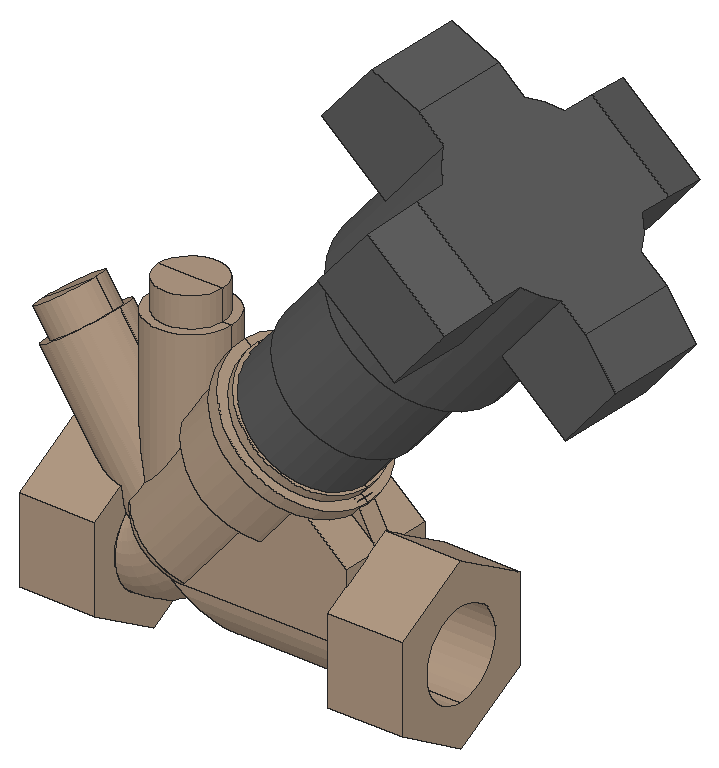
Revit family "M_Valve_Balancing and Control_MEPcontent_Oventrop_Hydrocontrol VTR 10602", category Pipe Accessories, Revit 2015
Parameters (values of type "DN 20")
  Watermarked By = "www.stabiplan.com"
  built-in parameter 1114242 [instance] = 1
  Threaded_Lenght = 14.500 mm
  r2 = 3.000 mm  # constant formula
  r1 = 2.000 mm  # constant formula
  e3 = 1.500 mm
  e2 = 3.500 mm
  Wholesaler Art. No. = ""
  Wholesaler = ""
  Use Nominal Diameter [instance] = yes
  URL = "www.stabiplan.com"
  Stabu Code = ""
  Revit Version = "2015"  # constant formula
  Product Line = "Oventrop"  # constant formula
  SW2 = NutDimension / sqrt(3 / 4)  # 36.950 mm
  OuterDiameter = 26.900 mm
  NutDimension = 32.000 mm
  Rad6 [instance] = NominalRadius + 1.000 mm  # 10.525 mm
  Rad5 = Rad4 + 2.000 mm  # 17.700 mm
  Rad4 = Rad3 + 2.500 mm  # 15.700 mm
  Rad3 = Rad2 + 2.500 mm  # 13.200 mm
  Rad2 = Rad1 - 2.000 mm  # 10.700 mm
  Rad1 = 12.700 mm
  Pressure Drop = 0.0 Pa
  NominalRadius [instance] = if(Use Nominal Diameter, NominalDiameter / 2, OuterDiameter / 2)  # 9.525 mm
  NominalDiameter = 19.050 mm
  Model = "Hydrocontrol VTR 10602"
  Manufacturer = "Oventrop"  # constant formula
  MEPcontent Class = "VALVE_BALANCING"  # constant formula
  Lgt2 = 11.000 mm  # constant formula
  Lgt1 = Threaded_Lenght + 2.000 mm  # 16.500 mm
  Language = ""
  L2 = Rad2 * tan(Angle / 2)  # 4.989 mm
  Lenght = 84.000 mm
  Internal Art. No. = ""
  IFCExportType = "PRESSUREREDUCING"
  IFCExportAs = "IfcValveType"
  Hlp1 = 22.000 mm  # constant formula
  Height = 116.000 mm
  Hb6 [instance] = ((Hb2 + Hb3 + Hb5 + (2 * r1)) / sin(Angle)) - (NominalDiameter * 0.29 + 2.700 mm)  # 43.248 mm
  Hb5 = 3.000 mm  # constant formula
  Hb4 = 18.000 mm  # constant formula
  Hb3 = 11.000 mm
  Hb2 [instance] = if(NominalDiameter > 25.000 mm, 50.000 mm, NominalDiameter * 0.6 + 10.000 mm)  # 21.430 mm
  Hb1 = 125.000 mm
  GTIN = "4026755125085"
  Function Code [instance] = ""
  Family Version = "10.14"  # constant formula
  ETIM Article Class = "EC011463"
  EMCS Version = "2.0"  # constant formula
  Description = "Bronze double regulating and commissioning valves"  # constant formula
  Manufacturer URL = "http://www.oventrop.de/ArticleInfo.aspx?art=1060206"
  Custom = no
  Copyright = "© Stabiplan International BV"  # constant formula
  Content Supplier URL = "www.mepcontent.eu"
  CB-NL Class = ""
  Bronze = Color RGB 156-122-90
  Black = Color RGB 35-35-35
  Article Type = "Hydrocontrol VTR 10602"  # constant formula
  Article Description = "Bronze double regulating and commissioning valves"  # constant formula
  Angle = 50.00°  # constant formula
  Manufacturer Art. No. = "1060206"
Types (7, lengths in mm): name | Threaded_Lenght | e3 | e2 | Use Nominal Diameter | SW2 | OuterDiameter | NutDimension | Rad6 | Rad5 | Rad4 | Rad3 | Rad2 | Rad1 | NominalRadius | NominalDiameter | Lgt1 | L2 | Lenght | Height | Hb6 | Hb3 | Hb2 | Hb1 | GTIN | Manufacturer URL | Manufacturer Art. No.
  DN 40 | 19.100 | 2.344 | 4.500 | yes | 63.509 | 48.300 | 55.000 | 20.050 | 27.300 | 25.300 | 22.800 | 20.300 | 22.300 | 19.050 | 38.100 | 21.100 | 9.466 | 120.000 | 138.000 | 67.186 | 5.000 | 50.000 | 154.000 | "4026755125115" | "http://www.oventrop.de/ArticleInfo.aspx?art=1060212" | "1060212"
  DN 50 | 25.700 | 2.656 | 4.500 | no | 80.829 | 60.300 | 70.000 | 31.150 | 35.200 | 33.200 | 30.700 | 28.200 | 30.200 | 30.150 | 50.800 | 27.700 | 13.150 | 150.000 | 148.000 | 76.557 | 15.000 | 50.000 | 167.000 | "4026755125122" | "http://www.oventrop.de/ArticleInfo.aspx?art=1060216" | "1060216"
  DN 32 | 19.100 | 2.000 | 4.500 | yes | 57.735 | 42.400 | 50.000 | 16.875 | 24.000 | 22.000 | 19.500 | 17.000 | 19.000 | 15.875 | 31.750 | 21.100 | 7.927 | 110.000 | 136.000 | 63.806 | 1.000 | 50.000 | 151.000 | "4026755125108" | "http://www.oventrop.de/ArticleInfo.aspx?art=1060210" | "1060210"
  DN 25 | 16.800 | 1.688 | 3.500 | yes | 47.343 | 33.700 | 41.000 | 13.700 | 20.900 | 18.900 | 16.400 | 13.900 | 15.900 | 12.700 | 25.400 | 18.800 | 6.482 | 97.500 | 119.000 | 81.313 | 13.000 | 50.000 | 129.000 | "4026755125092" | "http://www.oventrop.de/ArticleInfo.aspx?art=1060208" | "1060208"
  DN 20 | 14.500 | 1.500 | 3.500 | yes | 36.950 | 26.900 | 32.000 | 10.525 | 17.700 | 15.700 | 13.200 | 10.700 | 12.700 | 9.525 | 19.050 | 16.500 | 4.989 | 84.000 | 116.000 | 43.248 | 11.000 | 21.430 | 125.000 | "4026755125085" | "http://www.oventrop.de/ArticleInfo.aspx?art=1060206" | "1060206"
  DN 15 | 13.200 | 1.250 | 2.500 | yes | 31.177 | 21.300 | 27.000 | 7.350 | 14.500 | 12.500 | 10.000 | 7.500 | 9.500 | 6.350 | 12.700 | 15.200 | 3.497 | 80.000 | 114.000 | 45.337 | 15.000 | 17.620 | 122.000 | "4026755125078" | "http://www.oventrop.de/ArticleInfo.aspx?art=1060204" | "1060204"
  DN 10 | 10.100 | 1.125 | 2.500 | yes | 31.177 | 17.200 | 27.000 | 5.763 | 14.500 | 12.500 | 10.000 | 7.500 | 9.500 | 4.763 | 9.525 | 12.100 | 3.497 | 73.000 | 114.000 | 43.771 | 15.000 | 15.715 | 122.000 | "4026755125061" | "http://www.oventrop.de/ArticleInfo.aspx?art=1060203" | "1060203"
Reference planes
  plane 1 "Center (Front/Back)": y = 0
  plane 2: z = 0
  plane 3 "Center (Left/Right)": x = 0
  plane 4: x = -42
  plane 5: x = 42
  plane 6: x = 27.5
  plane 7: x = -27.5
  plane 8: x = -25.5
  plane 9: z = -10.7
  plane 10: z = -13.2
  plane 11: z = -15.7
  plane 12: x = -20.511
  plane 13: z = 10.7
  plane 14: y = 5.5
  plane 15: y = -5.5
  plane 16: y = -10.7
  plane 17: y = 10.7
  plane 18: x = 25.5
  plane 19: y = 11
  plane 20: y = -11
  plane 21: y = -2
  plane 22: y = 2
  plane 23: z = 18.475
  plane 24: z = -18.475
  plane 25: y = 16
  plane 26: y = -16
  plane 27: x = 62
  plane 28: x = 45.5
  plane 29: x = -45.5
  plane 30: x = -62
  plane 31: x = -63.5
  plane 32: x = 63.5
  plane 33: x = 43.75
  plane 34: x = -43.75
Forms (mm)
  Extrusion 1, solid, material "Color RGB 156-122-90" <- "Bronze", detail levels fine
    sketch origin (0, 0, 0) x (0, 1, 0) y (0, 0, 1)
      loop
        circle (0, 0) r 10.7
    from -27.5 to 27.5
  Revolve 2, void
    sketch origin (-20.511, 0, 0) x (0.642788, 0, 0.766044) y (-0.766044, 0, 0.642788)
      loop
        line (4.989, 0) -> (-84, 0) -> (-84, -84) -> (4.989, -84) -> (4.989, 0)
      axis (-84, 0) -> (4.989, 0)
    angle from 0 to 360
  Revolve 3, solid, material "Color RGB 156-122-90" <- "Bronze", detail levels fine
    sketch origin (-25.5, -1524, 140.053) x (0, 0, 1) y (0, -1, 0)
      loop
        circle (-140.053, -1524) r 10.7
      axis (-129.353, -1524) -> (-129.353, -1523)
    angle from 0 to -50
  Extrusion 4, solid, material "Color RGB 156-122-90" <- "Bronze", detail levels fine
    sketch origin (-25.5, -1524, 140.053) x (0, 0, 1) y (0, -1, 0)
      loop
        circle (-140.053, -1524) r 10.7
    from -2 to 0
  Revolve 5, solid, material "Color RGB 156-122-90" <- "Bronze", detail levels fine
    sketch origin (-20.511, 0, 0) x (0.642788, 0, 0.766044) y (-0.766044, 0, 0.642788)
      loop
        line (46.419, 0) -> (4.989, 0) -> (4.989, -11.2)
        arc (4.989, -11.2) -> (5.575, -12.614) -> (6.989, -13.2) r 2
        line (6.989, -13.2) -> (26.419, -13.2) -> (28.419, -15.7) -> (39.419, -15.7) -> (41.419, -17.7) -> (44.419, -17.7) -> (44.419, -15.7) -> (46.419, -15.7) -> (46.419, 0)
      axis (4.989, 0) -> (46.419, 0)
    angle from 0 to 360
  Revolve 6, solid, material "Color RGB 35-35-35" <- "Black", detail levels fine
    sketch origin (-20.511, 0, 0) x (0.642788, 0, 0.766044) y (-0.766044, 0, 0.642788)
      loop
        line (46.419, 0) -> (46.419, -15) -> (60, -15) -> (60, -16) -> (85, -16) -> (85, -20) -> (125, -20) -> (125, 0) -> (46.419, 0)
      axis (46.419, 0) -> (125, 0)
    angle from 0 to 360
  Extrusion 7, solid, material "Color RGB 35-35-35" <- "Black", detail levels fine
    sketch origin (-20.511, 0, 0) x (0.642788, 0, 0.766044) y (-0.766044, 0, 0.642788)
      loop
        line (125, 24) -> (122, 35) -> (105, 35) -> (105, -35) -> (122, -35) -> (125, -24) -> (125, 24)
    from -11 to 11
  Extrusion 8, solid, material "Color RGB 35-35-35" <- "Black", detail levels fine
    sketch origin (-20.511, 0, 0) x (0.642788, 0, 0.766044) y (0, -1, 0)
      loop
        line (122, -35) -> (125, -24) -> (125, 24) -> (122, 35) -> (105, 35) -> (105, -35) -> (122, -35)
    from -11 to 11
  Extrusion 9, solid, material "Color RGB 156-122-90" <- "Bronze", detail levels fine
    sketch origin (27.5, -1524, 140.053) x (0, 0, 1) y (0, -1, 0)
      loop
        circle (-140.053, -1524) r 10.7
    from 0 to -2
  Extrusion 10, solid, material "Color RGB 156-122-90" <- "Bronze", detail levels fine
    sketch origin (-20.511, 0, 0) x (0.642788, 0, 0.766044) y (-0.766044, 0, 0.642788)
      loop
        line (41.419, 0) -> (4.989, 0) -> (4.989, -5.946) -> (29.575, -35.246) -> (41.419, -25.307) -> (41.419, 0)
    from -10.7 to 10.7
  Extrusion 11, solid, material "Color RGB 156-122-90" <- "Bronze", detail levels fine
    sketch origin (-20.511, 0, 0) x (0.642788, 0, 0.766044) y (-0.766044, 0, 0.642788)
      loop
        line (44.419, -16.551) -> (44.419, 0) -> (24.754, -29.501) -> (30.861, -36.778) -> (39.057, -29.9) -> (44.419, -16.551)
    from -2 to 2
  Revolve 12, solid, material "Color RGB 156-122-90" <- "Bronze", detail levels fine
    sketch origin (-17.303, 0, 3.822) x (-0.573576, 0, 0.819152) y (-0.819152, 0, -0.573576)
      loop
        line (46.5, 0) -> (0, 0) -> (0, -9) -> (40, -9) -> (40, -7) -> (46.5, -7) -> (46.5, 0)
      axis (0, 0) -> (46.5, 0)
    angle from 0 to 360
  Revolve 13, solid, material "Color RGB 156-122-90" <- "Bronze", detail levels fine
    sketch origin (-17.303, 0, 3.822) x (0, 0, 1) y (-1, 0, 0)
      loop
        line (0, 0) -> (0, -9) -> (43.248, -9) -> (43.248, -7) -> (49.748, -7) -> (49.748, 0) -> (0, 0)
      axis (0, 0) -> (49.748, 0)
    angle from 0 to 360
  Extrusion 14, solid, material "Color RGB 156-122-90" <- "Bronze", detail levels fine
    sketch origin (0, 0, 0) x (0, 1, 0) y (0, 0, 1)
      loop
        line (0, 18.475) -> (-16, 9.238) -> (-16, -9.238) -> (0, -18.475) -> (16, -9.238) -> (16, 9.238) -> (0, 18.475)
    from 25.5 to 42
  Extrusion 15, solid, material "Color RGB 156-122-90" <- "Bronze", detail levels fine
    sketch origin (0, 0, 0) x (0, 1, 0) y (0, 0, 1)
      loop
        line (0, 18.475) -> (-16, 9.238) -> (-16, -9.238) -> (0, -18.475) -> (16, -9.238) -> (16, 9.238) -> (0, 18.475)
    from -42 to -25.5
  Extrusion 16, void
    sketch origin (42, -1524, -152.182) x (0, 0, 1) y (0, -1, 0)
      loop
        circle (152.182, -1524) r 9.525
    from 0 to -14.5
  Extrusion 17, void
    sketch origin (-42, -1524, 140.053) x (0, 0, -1) y (0, -1, 0)
      loop
        circle (140.053, -1524) r 9.525
    from 0 to -14.5
Cuts and joins
  Revolve 2 cuts Extrusion 1
  joined: Revolve 6, Extrusion 7, Extrusion 8
  Extrusion 16 cuts Extrusion 14
  joined: Extrusion 9, Extrusion 14
  Extrusion 17 cuts Extrusion 15
Lines and regions (mm)
  reference lines
    curve 1: line (-20.511, 0, 0) -> (236.605, 0, 306.418)
    curve 2: line (-9.443, 0, 153.889) -> (132.449, 0, 34.828)
    curve 3: line (-11.371, 0, 151.591) -> (130.52, 0, 32.53)
    curve 4: line (-22.298, 0, 138.568) -> (119.593, 0, 19.507)
    curve 5: line (106.737, 0, 4.186) -> (-35.154, 0, 123.247)
    curve 6: line (111.88, 0, 10.314) -> (-30.012, 0, 129.376)
    curve 7: line (-59.953, 0, 93.693) -> (81.938, 0, -25.368)
    curve 8: line (-61.239, 0, 92.161) -> (80.653, 0, -26.9)
    curve 9: line (-63.167, 0, 89.863) -> (78.724, 0, -29.199)
    curve 10: line (-64.453, 0, 88.33) -> (77.439, 0, -30.731)
    curve 11: line (-71.523, 0, 79.904) -> (70.368, 0, -39.157)
    curve 12: line (-86.584, 0, 61.956) -> (55.307, 0, -57.106)
    curve 13: line (-20.511, 0, 0) -> (65.506, 0, -72.176)
    curve 14: line (-51.224, 0, 104.096) -> (90.668, 0, -14.965)
    curve 15: line (-72.809, 0, 78.372) -> (69.082, 0, -40.689)
    curve 16: line (22.165, 0, 30.323) -> (59.211, 0, 74.473)
    curve 17: line (61.126, 0, 72.866) -> (24.08, 0, 28.716)
    curve 18: line (62.658, 0, 71.58) -> (25.612, 0, 27.431)
    curve 19: line (89.858, 0, 94.195) -> (76.295, 0, 78.031)
    curve 20: line (53.088, 0, 125.049) -> (39.525, 0, 108.884)
    curve 21: line (98.285, 0, 87.124) -> (84.721, 0, 70.96)
    curve 22: line (44.662, 0, 132.12) -> (31.098, 0, 115.955)
    curve 23: line (71.473, 24, 109.622) -> (57.91, 24, 93.457)
    curve 24: line (71.473, -24, 109.622) -> (57.91, -24, 93.457)
    curve 25: line (71.473, -35, 109.622) -> (57.91, -35, 93.457)
    curve 26: line (71.473, 35, 109.622) -> (57.91, 35, 93.457)
    curve 27: line (59.838, 41.48, 95.756) -> (59.838, -45.862, 95.756)
    curve 28: line (57.91, 41.48, 93.457) -> (57.91, -45.862, 93.457)
    curve 29: line (46.982, -45.862, 80.435) -> (46.982, 41.48, 80.435)
    curve 30: line (-17.303, 0, 3.822) -> (-45.982, 0, 44.78)
    curve 31: line (-17.303, 0, 3.822) -> (-17.303, 0, 46.121)
    curve 32: line (0, 32, 0) -> (0, 0, 18.475)
    curve 33: line (0, 0, -18.475) -> (0, -32, 0)
    curve 34: line (0, -32, 0) -> (0, 0, 18.475)
    curve 35: line (0, 0, -18.475) -> (0, 32, 0)
  model lines, style "Accessories", detail levels coarse+medium
    curve 36: line (-27.5, 0, 10.7) -> (-27.5, 0, -10.7)
    curve 37: line (27.5, 0, 10.7) -> (27.5, 0, -10.7)
    curve 38: line (-27.5, 0, -10.7) -> (27.5, 0, 10.7)
    curve 39: line (27.5, 0, -10.7) -> (-27.5, 0, 10.7)
    curve 40: circle (0, 0, 0) r 9.525 normal (1, 0, 0)
    curve 41: line (-27.5, 10.7, 0) -> (-27.5, -10.7, 0)
    curve 42: line (27.5, 10.7, 0) -> (27.5, -10.7, 0)
    curve 43: line (27.5, 10.7, 0) -> (-27.5, -10.7, 0)
    curve 44: line (-27.5, 10.7, 0) -> (27.5, -10.7, 0)
Dimensions and locks
  equal spacing: plane 5, plane 3 "Center (Left/Right)", plane 4
  "Lenght": plane 5 to plane 4
  "Threaded_Lenght": plane 7 to plane 4
  "Lgt1": plane 4 to plane 8
  "L2": plane 12 to plane 8
  "Threaded_Lenght": plane 6 to plane 5
  "Rad4": level to plane 11
  "Rad3": level to plane 10
  "Rad2": level to plane 9
  "Rad2": plane 13 to level
  equal spacing: plane 14, plane 1 "Center (Front/Back)", plane 15
  "Lgt2": plane 14 to plane 15
  "Hb1": curve 13 to curve 2
  locked: curve 3 to curve 2 at 3
  locked: curve 4 to curve 3 at 17
  locked: curve 5 to curve 4 at 20
  curve 5 to curve 14 = 25.000 mm
  "Lenght": Revolve 2 sketch curve to curve 1
  "Lenght": Revolve 2 sketch curve to curve 13
  equal spacing: plane 17, plane 1 "Center (Front/Back)", plane 16
  "Rad2": plane 1 "Center (Front/Back)" to plane 16
  "L2": curve 13 to curve 12
  "Lgt1": plane 5 to plane 18
  "Hb2": curve 12 to curve 15
  "r1": curve 15 to curve 11
  "Hb3": curve 11 to curve 10
  "r1": curve 10 to curve 9
  "Hb5": curve 9 to curve 8
  "r1": curve 8 to curve 7
  "Rad3": curve 16 to curve 1
  "Rad4": curve 17 to curve 1
  "Rad5": curve 18 to curve 1
  locked: curve 6 to curve 5 at 8
  locked: Revolve 6 sketch curve to Revolve 6 sketch curve at 1
  locked: curve 1 to Revolve 6 sketch curve at 16
  locked: Revolve 6 sketch curve to curve 1 at 20
  equal spacing: curve 19, curve 1, curve 20
  locked: curve 19 to curve 1 at 24
  equal spacing: curve 21, curve 1, curve 22
  locked: curve 1 to curve 22 at 35
  "Hlp1": plane 19 to plane 20
  equal spacing: plane 19, plane 1 "Center (Front/Back)", plane 20
  equal spacing: curve 23, curve 1, curve 24
  locked: curve 23 to curve 1 at 24
  equal spacing: curve 26, curve 1, curve 25
  locked: curve 1 to curve 25 at 35
  "Hb1": curve 1 to curve 27
  locked: curve 28 to curve 27 at 3
  locked: curve 29 to curve 28 at 17
  equal spacing: plane 22, plane 1 "Center (Front/Back)", plane 21
  "r1": plane 1 "Center (Front/Back)" to plane 21
  locked: Revolve 12 sketch curve to curve 30 at 9
  locked: Revolve 12 sketch curve to Revolve 12 sketch curve at 2
  locked: Revolve 12 sketch curve to Revolve 12 sketch curve at 40
  locked: Revolve 12 sketch curve to Revolve 12 sketch curve at 6.5
  "Hb6": Revolve 13 sketch curve to Revolve 13 sketch curve
  locked: Revolve 13 sketch curve to Revolve 13 sketch curve at 6.5
  locked: Revolve 13 sketch curve to curve 31 at 9
  locked: Revolve 13 sketch curve to Revolve 13 sketch curve at 2
  equal spacing: plane 25, plane 1 "Center (Front/Back)", plane 26
  "NutDimension": plane 25 to plane 26
  equal spacing: plane 23, level, plane 24
  "SW2": plane 23 to plane 24
  equal spacing: curve 33, plane 1 "Center (Front/Back)", curve 32
  "NutDimension": curve 33 to curve 32
  equal spacing: curve 34, plane 1 "Center (Front/Back)", curve 35
  "NutDimension": curve 34 to curve 35
  "e2": plane 5 to plane 28
  plane 28 to plane 32 = 18.000 mm
  "e3": plane 32 to plane 27
  "e2": plane 4 to plane 29
  plane 29 to plane 31 = 18.000 mm
  "e3": plane 30 to plane 31
  equal spacing: plane 5, plane 33, plane 28
  equal spacing: plane 4, plane 34, plane 29
  cut or joined group of Revolve 6, Extrusion 7, Extrusion 8 to plane 2 = 115.955 mm
  "Rad2": radius of Extrusion 1 sketch curve
  "Rad2": radius of Revolve 3 sketch curve
  "Rad2": radius of Extrusion 4 sketch curve
  "r1": radius of Revolve 5 sketch curve
  "Rad2": radius of Extrusion 9 sketch curve
  "NominalRadius": radius of curve 40
  "NominalRadius": radius of Extrusion 16 sketch curve
  "NominalRadius": radius of Extrusion 17 sketch curve
  "Angle": angle level to curve 1
  locked: curve 1 to curve 30 (angle 75.00°)
  locked: curve 1 to curve 31 (angle 40.00°)
  aligned and locked: level to plane 2
  aligned and locked: plane 12 to curve 1
  aligned and locked: plane 2 to curve 1
  aligned and locked: curve 3 to curve 2  (x2)
  aligned and locked: curve 4 to curve 2  (x2)
  aligned and locked: curve 5 to curve 2  (x2)
  aligned and locked: curve 6 to curve 2  (x2)
  aligned and locked: curve 7 to curve 2  (x2)
  aligned and locked: curve 8 to curve 2  (x2)
  aligned and locked: curve 9 to curve 2  (x2)
  aligned and locked: curve 10 to curve 2  (x2)
  aligned and locked: curve 11 to curve 2  (x2)
  aligned and locked: curve 12 to curve 2  (x2)
  aligned and locked: curve 13 to curve 1  (x2)
  aligned and locked: curve 14 to curve 2  (x2)
  aligned and locked: Revolve 2 sketch curve to curve 1  (x2)
  aligned and locked: curve 15 to curve 4
  aligned and locked: plane 6 to Extrusion 1
  aligned and locked: plane 7 to Extrusion 1
  aligned and locked: plane 13 to Revolve 3 sketch curve
  aligned and locked: plane 8 to Extrusion 4
  aligned and locked: Revolve 5 sketch curve to curve 12
  aligned and locked: curve 1 to Revolve 5 sketch curve
  aligned and locked: Revolve 5 sketch curve to curve 1
  aligned and locked: curve 12 to Revolve 2 sketch curve
  aligned and locked: curve 17 to curve 16  (x2)
  aligned and locked: curve 18 to curve 16  (x2)
  aligned and locked: curve 7 to Revolve 5 sketch curve
  aligned and locked: curve 16 to Revolve 5 sketch curve
  aligned and locked: curve 15 to Revolve 5 sketch curve
  aligned and locked: curve 17 to Revolve 5 sketch curve
  aligned and locked: curve 11 to Revolve 5 sketch curve
  aligned and locked: curve 10 to Revolve 5 sketch curve
  aligned and locked: curve 9 to Revolve 5 sketch curve
  aligned and locked: curve 18 to Revolve 5 sketch curve
  aligned and locked: Revolve 5 sketch curve to curve 8
  aligned and locked: Revolve 5 sketch curve to curve 17
  aligned and locked: Revolve 6 sketch curve to curve 2
  aligned and locked: Revolve 6 sketch curve to curve 1  (x2)
  aligned and locked: curve 5 to Revolve 6 sketch curve
  aligned and locked: Revolve 6 sketch curve to curve 14
  aligned and locked: curve 7 to Revolve 6 sketch curve
  aligned and locked: curve 20 to Extrusion 7 sketch curve
  aligned and locked: curve 2 to Extrusion 7 sketch curve
  aligned and locked: curve 19 to Extrusion 7 sketch curve
  aligned and locked: curve 3 to Extrusion 7 sketch curve  (x2)
  aligned and locked: curve 4 to Extrusion 7 sketch curve  (x2)
  aligned and locked: curve 19 to curve 21  (x2)
  aligned and locked: curve 22 to curve 19
  aligned and locked: curve 22 to curve 20
  aligned and locked: curve 22 to Extrusion 7 sketch curve
  aligned and locked: curve 21 to Extrusion 7 sketch curve
  aligned and locked: Extrusion 7 to plane 19
  aligned and locked: Extrusion 7 to plane 20
  aligned and locked: curve 19 to curve 23
  aligned and locked: curve 24 to curve 19  (x2)
  aligned and locked: curve 25 to curve 19
  aligned and locked: curve 19 to curve 26
  aligned and locked: curve 27 to curve 29  (x2)
  aligned and locked: curve 27 to curve 28  (x2)
  aligned and locked: curve 28 to Extrusion 8 sketch curve  (x2)
  aligned and locked: curve 29 to Extrusion 8 sketch curve  (x2)
  aligned and locked: curve 26 to Extrusion 8 sketch curve
  aligned and locked: curve 25 to Extrusion 8 sketch curve
  aligned and locked: curve 24 to Extrusion 8 sketch curve
  aligned and locked: Extrusion 8 sketch curve to curve 27
  aligned and locked: curve 23 to Extrusion 8 sketch curve
  aligned and locked: Extrusion 9 to plane 18
  aligned and locked: curve 9 to Extrusion 10 sketch curve
  aligned and locked: Extrusion 10 sketch curve to plane 18
  aligned and locked: plane 2 to Extrusion 10 sketch curve
  aligned and locked: curve 1 to Extrusion 10 sketch curve
  aligned and locked: plane 17 to Extrusion 10
  aligned and locked: plane 16 to Extrusion 10
  aligned and locked: curve 12 to Extrusion 10 sketch curve
  aligned and locked: curve 8 to Extrusion 11 sketch curve  (x2)
  aligned and locked: plane 13 to Extrusion 11 sketch curve
  aligned and locked: Extrusion 11 sketch curve to plane 6
  aligned and locked: plane 2 to Extrusion 11 sketch curve
  aligned and locked: Extrusion 11 to plane 22
  aligned and locked: plane 21 to Extrusion 11
  aligned and locked: Revolve 12 sketch curve to curve 30  (x2)
  aligned and locked: Revolve 13 sketch curve to curve 31  (x2)
  aligned and locked: level to curve 32
  aligned and locked: plane 23 to curve 32
  aligned and locked: plane 1 "Center (Front/Back)" to curve 32
  aligned and locked: level to curve 33
  aligned and locked: Extrusion 14 sketch curve to curve 34
  aligned and locked: plane 26 to Extrusion 14 sketch curve
  aligned and locked: Extrusion 14 sketch curve to curve 33
  aligned and locked: Extrusion 14 sketch curve to curve 35
  aligned and locked: Extrusion 14 sketch curve to plane 25
  aligned and locked: curve 32 to Extrusion 14 sketch curve
  aligned and locked: Extrusion 15 sketch curve to curve 34
  aligned and locked: plane 26 to Extrusion 15 sketch curve
  aligned and locked: Extrusion 15 sketch curve to curve 33
  aligned and locked: Extrusion 15 sketch curve to curve 35
  aligned and locked: Extrusion 15 sketch curve to plane 25
  aligned and locked: curve 32 to Extrusion 15 sketch curve
  aligned and locked: plane 8 to Extrusion 15
  aligned and locked: Extrusion 14 to plane 18
  aligned and locked: plane 13 to curve 36
  aligned and locked: plane 7 to curve 36
  aligned and locked: plane 13 to curve 37
  aligned and locked: plane 9 to curve 37
  aligned and locked: curve 37 to plane 6
  aligned and locked: plane 9 to curve 36
  aligned and locked: plane 17 to curve 41
  aligned and locked: plane 16 to curve 41
  aligned and locked: plane 7 to curve 41
  aligned and locked: plane 17 to curve 42
  aligned and locked: plane 16 to curve 42
  aligned and locked: curve 42 to plane 6
  aligned and locked: Extrusion 15 to plane 4
  aligned and locked: Extrusion 14 to plane 5
  aligned and locked: curve 1 to Extrusion 11 sketch curve
  aligned and locked: plane 6 to Extrusion 9
  aligned and locked: plane 7 to Extrusion 4
  aligned and locked: Extrusion 16 to plane 6
  aligned and locked: Extrusion 17 to plane 7
Automatic sketch dimensions
  Revolve 6 sketch curve to curve 1 = 0.000 mm  (x2)
  Revolve 12 sketch curve to curve 30 = 0.000 mm  (x3)
  Extrusion 11 sketch curve to Extrusion 11 sketch curve = 6.106 mm
  Extrusion 11 sketch curve to Extrusion 11 sketch curve = 13.349 mm
  curve 40 to level = 0.000 mm
  curve 40 to plane 1 "Center (Front/Back)" = 0.000 mm
  Extrusion 1 sketch curve to level = 0.000 mm
  Extrusion 1 sketch curve to plane 1 "Center (Front/Back)" = 0.000 mm
  curve 13 to curve 1 = 112.287 mm
  curve 30 to curve 1 = 0.000 mm
  curve 31 to curve 1 = 0.000 mm
  curve 31 to curve 17 = 13.268 mm
  curve 18 to curve 19 = 13.706 mm
  curve 20 to curve 20 = 21.101 mm
  curve 2 to curve 21 = 59.787 mm
  curve 1 to curve 11 = 90.439 mm
  curve 11 to curve 15 = 0.000 mm
  Revolve 2 sketch curve to curve 1 = 0.000 mm  (x2)
  Revolve 3 sketch curve to level = 0.000 mm
  Revolve 3 sketch curve to plane 1 "Center (Front/Back)" = 0.000 mm
  Revolve 3 sketch curve to plane 25 = 1276.504 mm
  plane 26 to Revolve 3 sketch curve = 2660.599 mm
  Extrusion 4 sketch curve to level = 0.000 mm
  Extrusion 4 sketch curve to plane 1 "Center (Front/Back)" = 0.000 mm
  Revolve 5 sketch curve to curve 1 = 0.000 mm  (x2)
  curve 29 to curve 26 = 6.480 mm
  curve 25 to curve 29 = 10.862 mm
  Extrusion 9 sketch curve to level = 0.000 mm
  Extrusion 9 sketch curve to plane 1 "Center (Front/Back)" = 0.000 mm
  Revolve 13 sketch curve to curve 31 = 0.000 mm  (x3)
  Extrusion 16 sketch curve to level = 0.000 mm
  Extrusion 16 sketch curve to plane 1 "Center (Front/Back)" = 0.000 mm
  Extrusion 17 sketch curve to level = 0.000 mm
  Extrusion 17 sketch curve to plane 1 "Center (Front/Back)" = 0.000 mm
Connectors
  piping at (-27.5, 0, 0), diameter 19.05, driven by "NominalRadius", driven by "Pressure Drop"
    settings: on Extrusion 4, index 1, connector inside diameter 15.000 mm, connector length 0.000 mm, flow factor 0, pipe flow 0.0 L/s, pressure drop 0.0 Pa, fitting loss kfactor 0, connector angle 0.00°, fixture units 0, engagement length 0.000 mm, angle of deflection 0.00°, flow configuration 0, flow direction 1, fitting loss method 4, system type 29, joint type 0, gender type 0, connector reference index 2, connector utility 0, adjustable connector no, is connector primary yes, connector description "Global In"
  piping at (27.5, 0, 0), diameter 19.05, driven by "Pressure Drop", driven by "NominalRadius"
    settings: on Extrusion 9, index 2, connector inside diameter 15.000 mm, connector length 0.000 mm, flow factor 0, pipe flow 0.0 L/s, pressure drop 0.0 Pa, fitting loss kfactor 0, connector angle 0.00°, fixture units 0, engagement length 0.000 mm, angle of deflection 0.00°, flow configuration 0, flow direction 2, fitting loss method 4, system type 29, joint type 0, gender type 0, connector reference index 1, connector utility 0, adjustable connector no, is connector primary no, connector description "Global Out"
